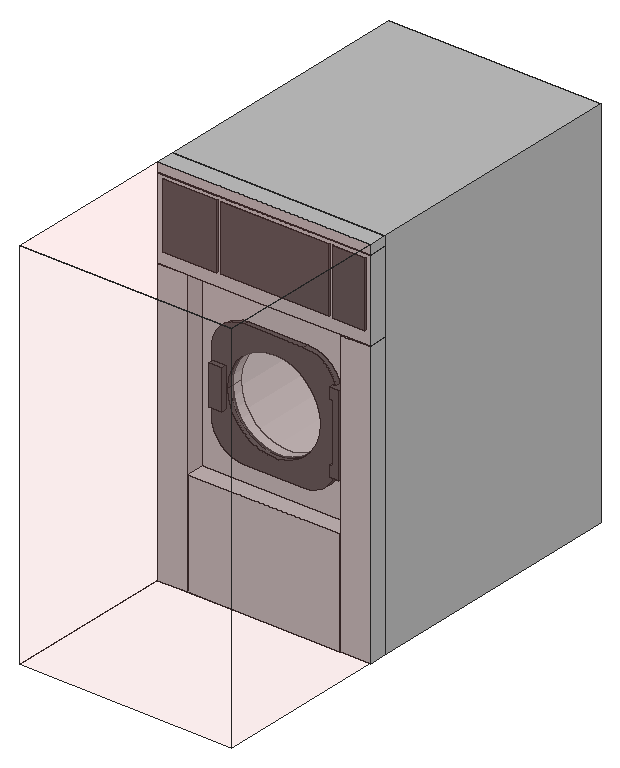
Revit family "Washer_Continental-Girbau_MG-Series", category Mechanical Equipment, Revit 2026
Family settings
  Round Connector Dimension = Use Radius
  Part Type = Normal
  Classification Number = 23.45.70.11.14.14
  Work Plane-Based = Yes
  Always vertical = No
  Cut with Voids When Loaded = No
  Maintain Annotation Orientation = No
  Shared = No
  Room Calculation Point = No
Parameters
  halfdoor = dooropeningactual / 2 + 0' 0 1/4"  # 0' - 8 3/16"
  drainrad = Drain Connection Diameter / 2  # 0' - 1 1/2"
  dooropeningactual = Door Opening + 0' 3"  # 1' - 3 7/8"
  dhwrad = Hot Water Connection Diameter / 2  # 0' - 0 3/8"
  dcwrad = Cold Water Connection Diameter / 2  # 0' - 0 3/8"
  Warranty Duration (Years) = 0
  Voltage Range = ""
  Unit Width = 2' - 5 1/2"
  Unit Weight_Live Load = 0
  Unit Weight_Dynamic Load = 0
  Unit Weight = 0
  Unit Height = 4' - 4 3/16"
  Unit Depth = 3' - 4"
  URL = "http://www.continentalgirbau.com/"
  Steam Inlet Connection Diameter = 0' - 1"
  Machine Function = "as Specified"
  Hot Water Connection Diameter = 0' - 0 3/4"
  Fuel Type = ""
  Fuel Consumption = ""
  Door Base Elevation = 1' - 7 11/16"
  Standards Conformance = "as Specified"
  Specification = "http://arcat.com/sdspecs/htm/11110con.htm"
  SpecWizard = "http://arcat.com/specwizard/11110con/index.htm?mf=&coid=44467"
  Sound Pressure = "as Specified"
  Send Message = "http://www.arcat.com/users.pl?action=UserEmail&amp;company=Continental+Girbau,+Inc.&amp;coid=44467&amp;rep=132&amp;fax=920-231-4666 &amp;mf="
  Sales Information = "http://www.continentalgirbau.com/contact.php"
  Revision = "R1_05-2014"
  Product Properties = ""
  Product Data = "http://arcat.com/arcatcos/cos44/arc44467.html"
  Model = "As Specified"
  Manufacturer Website = "http://www.continentalgirbau.com/"
  Manufacturer Phone - Toll Free = "800-256-1073"
  Manufacturer Phone = "920-231-8222"
  Manufacturer Fax = "920-231-4666"
  Manufacturer Address = "2500 State Rd. 44  Oshkosh, WI 54904"
  Manufacturer = "Continental Girbau, Inc."
  Maintenance Schedule (Months) = 0
  Keynote = "11110"
  Installation-Fabrication = ""
  Installation Phase = ""
  Green Building-LEED = "http://arcat.com/green/clients/leed_data_44467.html"
  Fixture Finish = Metal - Continental Girbau - Silver
  Expected Lifespan (Years) = 0
  Drain Connection Diameter = 0' - 3"
  Electrical_Voltage = 0 V
  Electrical_Phase = 0
  Electrical_Frequency = 0 Hz
  Electrical_Amperage = 0 A
  Drawn By = "Sumex Design, Inc. / Robert S. Weygant, CSI, CDT, SCIP"
  Door Opening Depth = 2' - 0"
  Door Opening = 1' - 0 7/8"
  Door Glazing [instance] = Glass - Continental Girbau - Glazing as Specified
  Description = "Continental Girbau Commercial Washer as Specified"
  Default Elevation = 0' - 0"
  Cylinder Volume = "as Specified"
  Cylinder Diameter = 2' - 0 13/32"
  Cylinder Depth = 1' - 9 5/8"
  Copyright = "©Arcat Inc."
  Construction Details = "http://arcat.com/details/cogirbau/cogirbau.html?coid=44467"
  Cold Water Connection Diameter = 0' - 0 3/4"
  Clearance Visible [instance] = yes
  Capacity = "as Specified"
  Assembly Code = "E1010610"
  Accent Material = Metal - Continental Girbau - Black
Reference planes (in)
  plane 1 "Center (Front/Back)": y = 0
  plane 2 "Bottom": z = 0
  plane 3 "Center (Left/Right)": x = 0
  plane 4 "Front": y = -20
  plane 5 "Back": y = 20
  plane 6 "Left": x = -14.75
  plane 7 "Right": x = 14.75
  plane 8: z = 26.125
  plane 9: x = -7.9375
  plane 10: x = 7.9375
  plane 11: z = 52.1875
  plane 12: y = -17.5
  plane 13: z = 32.5625
  plane 14: z = 19.6875
  plane 15: y = -44
  plane 16: y = -16
Forms (in)
  Extrusion 1, void
    sketch origin (0, -16, -4.80688) x (0, 0, 1) y (1, 0, 0)
      loop
        circle (30.93188, 0) r 12.20312
    from 0 to 21.625 <- "Cylinder Depth"
  Extrusion 2, solid, material "ARCAT Clearance", visible <- "Clearance Visible"
    sketch origin (-0.4375, -13.7666, 0) x (1, 0, 0) y (0, 1, 0)
      loop
        line (-14.3125, -6.2334) -> (-14.3125, -30.2334) -> (15.1875, -30.2334) -> (15.1875, -6.2334) -> (-14.3125, -6.2334)
    from 0 to 52.1875
  Extrusion 3, solid, material "Metal - Continental Girbau - Silver" <- "Fixture Finish"
    sketch origin (0, 0, 0) x (1, 0, 0) y (0, 1, 0)
      loop
        line (-14.75, 20) -> (-14.75, -17.5) -> (14.75, -17.5) -> (14.75, 20) -> (-14.75, 20)
    from 0 to 52.1875
  Extrusion 4, solid, material "Metal - Continental Girbau - Silver" <- "Fixture Finish"
    sketch origin (0, 0, 0) x (1, 0, 0) y (0, 0, 1)
      loop
        line (0, 39.5625) -> (14.75, 39.5625) -> (14.75, 50.8125) -> (-14.75, 50.8125) -> (-14.75, 39.5625) -> (0, 39.5625)
      loop
        line (14.75, 52.1875) -> (-14.75, 52.1875) -> (-14.75, 50.9375) -> (14.75, 50.9375) -> (14.75, 52.1875)
      loop
        line (-10.6875, 0) -> (-10.6875, 39.4375) -> (-14.75, 39.4375) -> (-14.75, 0) -> (-10.6875, 0)
      loop
        line (10.6875, 0) -> (14.75, 0) -> (14.75, 39.4375) -> (10.6875, 39.4375) -> (10.6875, 0)
      loop
        line (-10.5625, 14.6875) -> (-10.5625, 0) -> (10.5625, 0) -> (10.5625, 14.6875) -> (-10.5625, 14.6875)
    from 17.5 to 20
  Extrusion 5, solid, material "Metal - Continental Girbau - Black" <- "Accent Material"
    sketch origin (0, -17.5, 73.5) x (0, 0, -1) y (1, 0, 0)
      loop
        arc (51.46481, -8.75) -> (54.76006, -7.38506) -> (56.125, -4.08981) r 4.66019
        line (56.125, -4.08981) -> (56.125, 4.08981)
        arc (56.125, 4.08981) -> (54.76006, 7.38506) -> (51.46481, 8.75) r 4.66019
        line (51.46481, 8.75) -> (43.28519, 8.75)
        arc (43.28519, 8.75) -> (39.98994, 7.38506) -> (38.625, 4.08981) r 4.66019
        line (38.625, 4.08981) -> (38.625, -4.08981)
        arc (38.625, -4.08981) -> (39.98994, -7.38506) -> (43.28519, -8.75) r 4.66019
        line (43.28519, -8.75) -> (51.46481, -8.75)
      loop
        circle (47.375, 0) r 6.4375
    from 0 to 0.75
  Extrusion 6, solid, material "Glass - Continental Girbau - Glazing as Specified" <- "Door Glazing"
    sketch origin (0, -17.5, 73.5) x (0, 0, -1) y (1, 0, 0)
      loop
        circle (47.375, 0) r 6.4375
    from 0 to 0.25
  Extrusion 7, void
    sketch origin (0, 0, 0) x (1, 0, 0) y (0, 0, 1)
      loop
        circle (0, 26.125) r 6.4375
    from 0 to 44
  Extrusion 8, solid, material "Metal - Continental Girbau - Black" <- "Accent Material"
    sketch origin (0, -17.5, 73.5) x (0, 0, -1) y (1, 0, 0)
      loop
        line (43.28519, 8.74757) -> (51.46481, 8.74757) -> (51.46481, 8.24757) -> (52.96481, 8.24757) -> (52.96481, 9.49757) -> (41.78519, 9.49757) -> (41.78519, 8.24757) -> (43.28519, 8.24757) -> (43.28519, 8.74757)
      loop
        line (44.625, -8.50243) -> (50.125, -8.50243) -> (50.125, -6.75243) -> (44.625, -6.75243) -> (44.625, -8.50243)
    from 0 to 1.5
  Extrusion 9, solid, material "Metal - Continental Girbau - Black" <- "Accent Material"
    sketch origin (-11.94222, -20, 48) x (-1, 0, 0) y (0, 0, 1)
      loop
        line (-5.50472, 2.3125) -> (-5.50472, -6.6875) -> (1.99528, -6.6875) -> (1.99528, 2.3125) -> (-5.50472, 2.3125)
      loop
        line (-6.00472, 2.3125) -> (-21.00472, 2.3125) -> (-21.00472, -6.6875) -> (-6.00472, -6.6875) -> (-6.00472, 2.3125)
      loop
        line (-21.50472, 2.3125) -> (-26.00472, 2.3125) -> (-26.00472, -6.6875) -> (-21.50472, -6.6875) -> (-21.50472, 2.3125)
    from 0 to -0.125
  Extrusion 10, solid
    sketch origin (-11.94222, 20, 48) x (-1, 0, 0) y (0, 0, 1)
      loop
        circle (-18.06722, -43.0625) r 1.25
      loop
        circle (-14.51215, -3) r 0.5
      loop
        circle (-9.43141, -4) r 0.5
      loop
        circle (-24.94222, -7.3125) r 0.25
      loop
        circle (0.80778, -23.375) r 0.75
    from 0 to 0.125
Cuts and joins
  Extrusion 1, Extrusion 7 cuts Extrusion 3
Dimensions and locks (in)
  equal spacing: plane 6 "Left", plane 3 "Center (Left/Right)", plane 7 "Right"
  "Unit Width": plane 6 "Left" to plane 7 "Right"
  equal spacing: plane 5 "Back", plane 1 "Center (Front/Back)", plane 4 "Front"
  "Unit Depth": plane 5 "Back" to plane 4 "Front"
  "Unit Height": plane 11 to level
  "Door Base Elevation": plane 14 to level
  equal spacing: plane 9, plane 3 "Center (Left/Right)", plane 10
  "dooropeningactual": plane 9 to plane 10
  locked: plane 4 "Front" to plane 12 at 2.5
  "Cylinder Diameter": Extrusion 1 sketch curve to Extrusion 1 sketch curve
  locked: Extrusion 1 sketch curve to plane 3 "Center (Left/Right)" at 0
  locked: plane 8 to Extrusion 1 sketch curve at 0
  equal spacing: plane 13, plane 8, plane 14
  "Door Opening": plane 13 to plane 14
  "Door Opening Depth": plane 4 "Front" to plane 15
  locked: Extrusion 3 sketch curve to plane 4 "Front" at 2.5
  Extrusion 4 sketch curve to Extrusion 4 sketch curve to plane 13 = 0' - 0 1/8" locked, 0' - 6 7/8" locked
  locked: Extrusion 4 sketch curve to plane 13 at 6.875
  locked: Extrusion 4 sketch curve to plane 9 at 2.75
  locked: plane 10 to Extrusion 4 sketch curve at 2.75
  locked: plane 14 to Extrusion 4 sketch curve at 5
  locked: plane 12 to plane 16 at 1.5
  locked: plane 10 to Extrusion 4 sketch curve at 2.625
  locked: Extrusion 4 sketch curve to plane 9 at 2.625
  locked: Extrusion 5 sketch curve to plane 13 at 2.3125
  locked: plane 14 to Extrusion 5 sketch curve at 2.3125
  locked: Extrusion 5 sketch curve to plane 9 at 0.8125
  locked: plane 10 to Extrusion 5 sketch curve at 0.8125
  "Door Opening": Extrusion 6 sketch curve to Extrusion 6 sketch curve
  locked: plane 3 "Center (Left/Right)" to Extrusion 6 sketch curve at 0
  locked: plane 8 to Extrusion 6 sketch curve at 0
  "Door Opening": Extrusion 5 sketch curve to Extrusion 5 sketch curve
  locked: Extrusion 5 sketch curve to plane 3 "Center (Left/Right)" at 0
  locked: Extrusion 5 sketch curve to plane 8 at 0
  "Door Opening": Extrusion 7 sketch curve to Extrusion 7 sketch curve
  locked: plane 3 "Center (Left/Right)" to Extrusion 7 sketch curve at 0
  locked: plane 8 to Extrusion 7 sketch curve at 0
  plane 10 to Extrusion 8 sketch curve to Extrusion 8 sketch curve to Extrusion 8 sketch curve = 0' - 0.31007" locked, 0' - 0 1/2" locked, 0' - 0 3/4" locked
  locked: plane 10 to Extrusion 8 sketch curve at 0.31007
  plane 13 to Extrusion 8 sketch curve to Extrusion 8 sketch curve = 0' - 0.84769" locked, 0' - 1 1/2" locked
  Extrusion 8 sketch curve to Extrusion 8 sketch curve to plane 14 = 0' - 1 1/2" locked, 0' - 0.84769" locked
  Extrusion 8 sketch curve to plane 9 to Extrusion 8 sketch curve = 0' - 0.56493" locked, 0' - 1.18507" locked
  locked: plane 13 to Extrusion 8 sketch curve at 3.6875
  locked: Extrusion 8 sketch curve to plane 14 at 3.6875
  Extrusion 9 sketch curve to Extrusion 9 sketch curve to plane 6 "Left" = 0' - 7 1/2" locked, 0' - 0 13/16" locked
  plane 11 to Extrusion 9 sketch curve to Extrusion 9 sketch curve = 0' - 1 7/8" locked, 0' - 9" locked
  Extrusion 9 sketch curve to plane 3 "Center (Left/Right)" to Extrusion 9 sketch curve = 0' - 5 15/16" locked, 0' - 9 1/16" locked
  Extrusion 9 sketch curve to Extrusion 9 sketch curve to plane 7 "Right" = 0' - 4 1/2" locked, 0' - 0 11/16" locked
  Extrusion 10 sketch curve to level = 0' - 4 15/16"
  locked: plane 7 "Right" to Extrusion 10 sketch curve at 8.625
  locked: plane 11 to Extrusion 10 sketch curve at 11.5
  locked: plane 7 "Right" to Extrusion 10 sketch curve at 1.75
  locked: Extrusion 10 sketch curve to plane 3 "Center (Left/Right)" at 2.56993
  locked: plane 3 "Center (Left/Right)" to Extrusion 10 sketch curve at 2.51081
  locked: plane 11 to Extrusion 10 sketch curve at 7.1875
  locked: plane 11 to Extrusion 10 sketch curve at 8.1875
  locked: Extrusion 10 sketch curve to plane 6 "Left" at 2
  locked: Extrusion 10 sketch curve to level at 24.625
  radius of Extrusion 5 sketch curve = 0' - 4.66019"  (x4)
  aligned: plane 9 to Extrusion 2
  aligned: Extrusion 2 to plane 10
  aligned and locked: plane 4 "Front" to Extrusion 2
  aligned and locked: Extrusion 2 to plane 15
  aligned and locked: Extrusion 2 to plane 11
  aligned and locked: plane 6 "Left" to Extrusion 2
  aligned and locked: Extrusion 2 to plane 7 "Right"
  aligned and locked: Extrusion 3 sketch curve to plane 7 "Right"
  aligned and locked: plane 6 "Left" to Extrusion 3 sketch curve
  aligned and locked: Extrusion 3 sketch curve to plane 5 "Back"
  aligned and locked: Extrusion 3 to plane 11
  aligned and locked: Extrusion 4 sketch curve to plane 6 "Left"
  aligned and locked: plane 7 "Right" to Extrusion 4 sketch curve
  aligned and locked: Extrusion 4 to plane 4 "Front"
  aligned and locked: Extrusion 4 to plane 12
  aligned and locked: Extrusion 7 to plane 15
  aligned and locked: Extrusion 7 to plane 1 "Center (Front/Back)"
Automatic sketch dimensions
  plane 9 to Extrusion 2 sketch curve = 0' - 6 13/16"
  Extrusion 2 sketch curve to plane 10 = 0' - 6 13/16"
  Extrusion 2 sketch curve to plane 15 = 0' - 0"
  Extrusion 2 sketch curve to plane 4 "Front" = 0' - 0"
  Extrusion 4 sketch curve to plane 6 "Left" = 0' - 0"  (x2)
  Extrusion 4 sketch curve to level = 0' - 0"  (x3)
  Extrusion 4 sketch curve to plane 3 "Center (Left/Right)" = 0' - 0"
  Extrusion 4 sketch curve to plane 7 "Right" = 0' - 0"  (x3)
  Extrusion 4 sketch curve to plane 11 = 0' - 0"
  plane 11 to Extrusion 4 sketch curve = 0' - 1 1/4"
  Extrusion 4 sketch curve to Extrusion 4 sketch curve = 0' - 0 1/8"
  Extrusion 9 sketch curve to plane 13 = 0' - 8 3/4"
  Extrusion 9 sketch curve to Extrusion 9 sketch curve = 0' - 0"  (x2)
  plane 11 to Extrusion 9 sketch curve = 0' - 1 7/8"
  radius of Extrusion 10 sketch curve = 0' - 1 1/4"
  radius of Extrusion 10 sketch curve = 0' - 0 1/2"  (x2)
  radius of Extrusion 10 sketch curve = 0' - 0 1/4"
  radius of Extrusion 10 sketch curve = 0' - 0 3/4"
Connectors (in)
  electrical at (13, 20.125, 40.6875), driven by "Electrical_Voltage"
    settings: on Extrusion 10, index 1, voltage 0 V, apparent load 0 VA, apparent load phase1 0 VA, apparent load phase2 0 VA, apparent load phase3 0 VA, power factor 1, load classification "Other", number of poles 1, system type 31, power factor state 1, is connector primary yes, connector utility no, sub classification motor no, connector description ""
  piping at (6.125, 20.125, 4.9375), diameter 3, driven by "drainrad"
    settings: on Extrusion 10, index 2, connector inside diameter 3", connector length 0' - 0", flow factor 0, pipe flow 0 GPM, pressure drop 0.00 psi, fitting loss kfactor 0, connector angle 0.00°, fixture units 0, engagement length 0' - 0", angle of deflection 0.00°, flow configuration 0, flow direction 2, fitting loss method 0, system type 16, joint type 0, gender type 0, connector reference index -1, connector utility 0, adjustable connector no, is connector primary yes, connector description "Drain"
  piping at (2.56993, 20.125, 45), diameter 0.75, driven by "dhwrad"
    settings: on Extrusion 10, index 3, connector inside diameter 3/4", connector length 0' - 0", flow factor 0, pipe flow 0 GPM, pressure drop 0.00 psi, fitting loss kfactor 0, connector angle 0.00°, fixture units 0, engagement length 0' - 0", angle of deflection 0.00°, flow configuration 0, flow direction 1, fitting loss method 0, system type 19, joint type 0, gender type 0, connector reference index -1, connector utility 0, adjustable connector no, is connector primary no, connector description "DHW Inlet"
  piping at (-2.51081, 20.125, 44), diameter 0.75, driven by "dcwrad"
    settings: on Extrusion 10, index 4, connector inside diameter 3/4", connector length 0' - 0", flow factor 0, pipe flow 0 GPM, pressure drop 0.00 psi, fitting loss kfactor 0, connector angle 0.00°, fixture units 0, engagement length 0' - 0", angle of deflection 0.00°, flow configuration 0, flow direction 1, fitting loss method 0, system type 20, joint type 0, gender type 0, connector reference index -1, connector utility 0, adjustable connector no, is connector primary no, connector description "DCW Inlet"
  piping at (-12.75, 20.125, 24.625), diameter 1
    settings: on Extrusion 10, index 5, connector inside diameter 1", connector length 0' - 0", flow factor 0, pipe flow 0 GPM, pressure drop 0.00 psi, fitting loss kfactor 0, connector angle 0.00°, fixture units 0, engagement length 0' - 0", angle of deflection 0.00°, flow configuration 0, flow direction 1, fitting loss method 0, system type 29, joint type 0, gender type 0, connector reference index -1, connector utility 0, adjustable connector no, is connector primary no, connector description "Steam Inlet"
